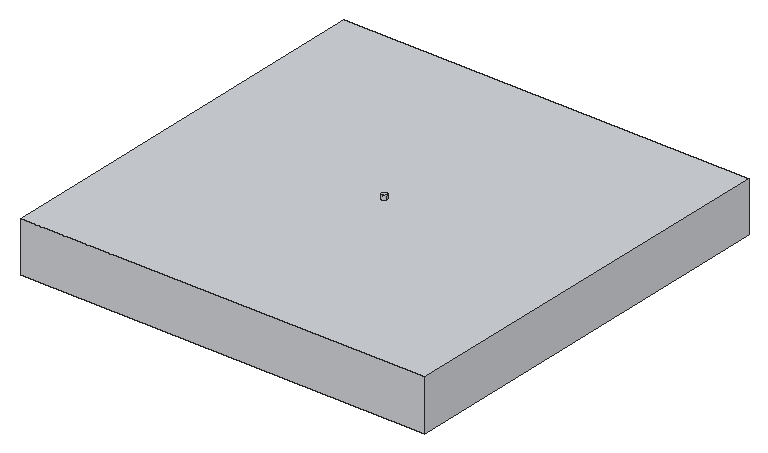
Revit family "M_Conector de tubulação - Água quente doméstica - Equipamento hidráulico", category Equipamento mecânico, Revit 2019
Family settings
  Hospedeiro = Face
  Cota do conector redondo = Usar raio
  Tipo de parte = Normal
  Número OmniClass = 23.65.00.00
  Título OmniClass = Supply and Distribution of Liquids and Gases
  ID de item do Seek = Pipe Connector - Domestic Hot Water - Plumbing Equipment-0000-CAN-ENU
  Corte com vazios quando carregada = Não
  Compartilhado = Não
  Ponto de cálculo do ambiente = Não
Parameters (values of type "Padrão")
  Raio nominal [instance] = 15 mm
  Diâmetro nominal [instance] = Raio nominal * 2  # 30 mm
  Espessura [instance] = 25.4 mm
  Fluxo [instance] = 0.63 L/s
  Default Elevation = 0 mm
Reference planes
  plane 1 "Centro (Frente/Trás)": y = 0
  plane 2: z = 0
  plane 3 "Centro (Esquerda/Direita)": x = 0
  plane 4: z = 25.4
Forms (mm)
  Extrusion 1, solid
    sketch origin (0, 0, 0) x (1, 0, 0) y (0, 1, 0)
      loop
        line (-1219.2, 1219.2) -> (-1219.2, -1219.2) -> (1219.2, -1219.2) -> (1219.2, 1219.2) -> (-1219.2, 1219.2)
    from 0 to -304.8
  Extrusion 2, solid
    sketch origin (0, 0, 0) x (1, 0, 0) y (0, 1, 0)
      loop
        circle (0, 0) r 15
    from 0 to 25.4
Dimensions and locks
  "Espessura": plane 4 to plane 2
  "Raio nominal": radius of Extrusion 2 sketch curve
  aligned and locked: plane 2 to Extrusion 1
  aligned and locked: level to Extrusion 1
  aligned and locked: plane 1 "Centro (Frente/Trás)" to Extrusion 2 sketch curve
  aligned and locked: plane 4 to Extrusion 2
Automatic sketch dimensions
  Extrusion 1 sketch curve to Extrusion 1 sketch curve = 2438.4 mm  (x2)
  Extrusion 2 sketch curve to plane 3 "Centro (Esquerda/Direita)" = 0 mm
Connectors
  piping at (0, 0, 25.4), diameter 30, driven by "Fluxo", driven by "Raio nominal"
    settings: on Extrusion 2, index 1, connector inside diameter 30 mm, connector length 0 mm, flow factor 0, pipe flow 0.63 L/s, pressure drop 0.0 Pa, fitting loss kfactor 0, connector angle 0.00°, fixture units 0, engagement length 0 mm, angle of deflection 0.00°, flow configuration 1, flow direction 1, fitting loss method 0, system type 19, joint type 0, gender type 0, connector reference index -1, connector utility 0, adjustable connector no, is connector primary yes, connector description ""
